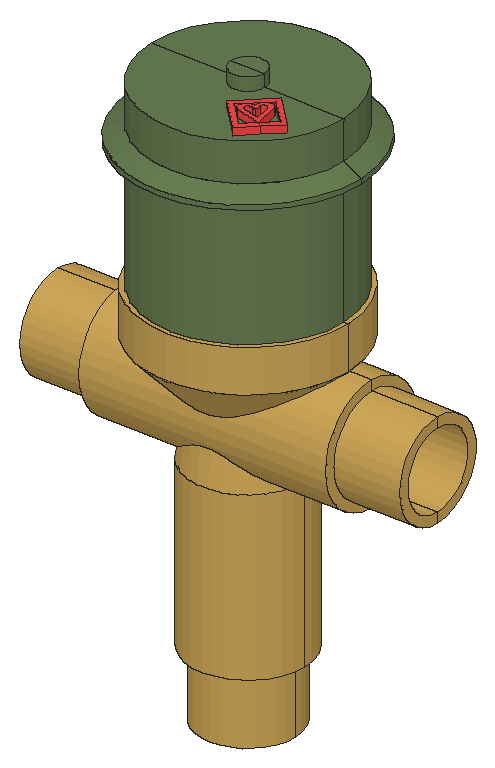
Revit family "HERZ Drinking Water Mixing Valve With Bottom Mixing Outlet 7766 54", category Rohrzubehör, Revit 2020
Family settings
  Bemaßung runder Anschluss = Durchmesser verwenden
  Teiletyp = Unterbricht
  OmniClass-Nummer = 23.65.55.14
  OmniClass-Titel = Valves for Liquid Services
  Arbeitsebenenbasiert = Nein
  Immer vertikal = Ja
  Beim Laden mit Abzugskörper schneiden = Nein
  Gemeinsam genutzt = Nein
Parameters
  Vorgabe-Ansicht = 0 mm
  Spring = "stainless steel 1.4310"  # constant formula
  Spindle = "DZR brass CW626N"  # constant formula
  Mixed water temperature hysteresis = "+-2°C"  # constant formula
  Part number = 2776654  # constant formula
  Operation = "The thermostatic mixing valve 7766 TMV is used in systems with heated drinking water.\r\nIrrespective of pressure or temperature changes of the cold and hot water to be mixed in the valve, the mixed water is constantly regulated to the preset temperature and flow rate value.\r\nThe thermostatic valve works completely independently and without auxiliary energy.\r\nThe value of the desired mixing temperature, which is preset once after installation, is kept constant within a control hysteresis."
  Note = "Pursuant to Article 33 of the REACH Regulation (EC No. 1907/2006), we are obliged to point out that the material lead is listed on the SVHC list and that all brass components manufactured in our products exceed 0.1% (w / w) lead (CAS: 7439-92-1 / EINECS: 231-100-4).\r\nSince lead is a component part of an alloy, actual exposure is not possible and therefore no additional information on safe use is necessary."
  Min. overheat of hot water compared to mixing water = 15 °C  # constant formula
  Min. flow = 0.07 L/s  # constant formula
  Min. cold water inlet temperature range = "5 °C - 25 °C"  # constant formula
  Max. hot water inlet temperature = 85 °C  # constant formula
  Max. dynamic pressure = "0.2 - 6 bar"  # constant formula
  URL = "www.herzvalves.com"
  Set value = "35 °C - 50 °C"  # constant formula
  Safety note = "Please note that the applied valve is a safety valve.\r\nIt is recommended to replace it in every 5 years.\r\nLocal standards and regulations have to be followed"
  SCTWSEQ = "AW;SBT_TYP_AW=\"104\";3"
  SCTWCODE = "04;18;03"  # constant formula
  S02 = H07 - H01 - H05  # 38.4 mm
  S01 = H00 - H01  # 61 mm
  R07 = 3.5 mm  # constant formula
  R06 = 24 mm  # constant formula
  R05 = 20.3 mm  # constant formula
  R04 = 24 mm  # constant formula
  R03 = R02 + 2 mm  # 12 mm
  R02 = Nennweite / 2  # 10 mm
  R01 = 8 mm  # constant formula
  Nennweite = 20 mm  # constant formula
  Mixing temperature (factory setting) = 45 °C  # constant formula
  Medium = "Water"  # constant formula
  LO1 = H07 - H05  # 59.4 mm
  L02 = 21.3 mm  # constant formula
  L01 = 12 mm  # constant formula
  L00 = 40 mm  # constant formula
  Internal parts = "DZR brass CW626N"  # constant formula
  Hersteller = "HERZ Armaturen Ges.m.b.H."  # constant formula
  Hand wheel = "ABS"  # constant formula
  H08 = 8 mm  # constant formula
  H07 = 62 mm  # constant formula
  H06 = 25.4 mm  # constant formula
  H05 = 2.6 mm  # constant formula
  H04 = 35 mm  # constant formula
  H03 = 14 mm  # constant formula
  H02 = 9 mm  # constant formula
  H01 = 21 mm  # constant formula
  H00 = 82 mm  # constant formula
  Flow at 3 bar = 0.7 L/s  # constant formula
  Sealing = "EPDM"  # constant formula
  Max. static pressure = 1000000.0 Pa  # constant formula
  Connection thread = "flat sealing, G 3/4"  # constant formula
  Body = "DZR brass CC752S"  # constant formula
Reference planes
  plane 1 "Mitte (Vorne/hinten)": y = 0
  plane 2: z = 0
  plane 3 "Mitte (Links/rechts)": x = 0
Forms (mm)
  Revolve 1, solid, material "Kunststoff GRÜN", detail levels fine
    sketch origin (-2.352, 0, -141.797) x (1, 0, 0) y (0, 0, 1)
      loop
        line (-1.148, 201.197) -> (-17.948, 201.197) -> (-17.948, 193.197) -> (-21.648, 191.197) -> (-21.648, 190.197) -> (-17.948, 188.197) -> (-17.948, 162.797) -> (2.352, 162.797) -> (2.352, 203.797) -> (-1.148, 203.797) -> (-1.148, 201.197)
      axis (2.352, 203.797) -> (2.352, 162.797)
    angle from 0 to 360
  Revolve 2, solid, material "Messing, weicher Gelbton, geschweißt", detail levels fine
    sketch origin (101.455, 0, 0) x (1, 0, 0) y (0, 0, 1)
      loop
        line (-101.455, -49) -> (-101.455, 21) -> (-122.755, 21) -> (-122.755, 12) -> (-111.455, 0) -> (-113.455, -12) -> (-113.455, -47) -> (-111.455, -47) -> (-111.455, -61) -> (-109.455, -61) -> (-109.455, -49) -> (-101.455, -49)
      axis (-101.455, 21) -> (-101.455, -61)
    angle from 0 to 360
  Revolve 3, solid, material "Messing, weicher Gelbton, geschweißt", detail levels fine
    sketch origin (-28, 0, 0) x (1, 0, 0) y (0, 0, 1)
      loop
        line (56, 8) -> (68, 8) -> (68, 10) -> (54, 10) -> (54, 12) -> (2, 12) -> (2, 10) -> (-12, 10) -> (-12, 8) -> (0, 8) -> (0, 0) -> (56, 0) -> (56, 8)
      axis (-12, 0) -> (68, 0)
    angle from 0 to 360
Lines and regions (mm)
  model lines, detail levels coarse+medium
    curve 1: line (-40, 0, 10) -> (-40, 0, -10)
    curve 2: line (-40, 0, -10) -> (40, 0, 10)
    curve 3: line (40, 0, 10) -> (40, 0, -10)
    curve 4: line (40, 0, -10) -> (-40, 0, 10)
    curve 5: line (0, 0, 0) -> (10, 0, -61)
    curve 6: line (10, 0, -61) -> (-10, 0, -61)
    curve 7: line (-10, 0, -61) -> (0, 0, 0)
    curve 8: line (0, 0, 0) -> (0, 0, 21)
    curve 9: line (-20.3, 0, 21) -> (20.3, 0, 21)
    curve 10: line (20.3, 0, 21) -> (20.3, 0, 59.4)
    curve 11: line (20.3, 0, 59.4) -> (-20.3, 0, 59.4)
    curve 12: line (-20.3, 0, 59.4) -> (-20.3, 0, 21)
    curve 13: line (20.3, 0, 59.4) -> (-20.3, 0, 21)
    curve 14: line (-20.3, 0, 59.4) -> (20.3, 0, 21)
    curve 15: line (-40, 10, 0) -> (-40, -10, 0)
    curve 16: line (-40, -10, 0) -> (40, 10, 0)
    curve 17: line (40, 10, 0) -> (40, -10, 0)
    curve 18: line (40, -10, 0) -> (-40, 10, 0)
    curve 19: line (0, 0, 0) -> (-10, -61, 0)
    curve 20: line (-10, -61, 0) -> (10, -61, 0)
    curve 21: line (10, -61, 0) -> (0, 0, 0)
    curve 22: line (0, 0, 0) -> (0, 21, 0)
    curve 23: line (-20.3, 21, 0) -> (20.3, 21, 0)
    curve 24: line (20.3, 21, 0) -> (20.3, 59.4, 0)
    curve 25: line (20.3, 59.4, 0) -> (-20.3, 59.4, 0)
    curve 26: line (-20.3, 59.4, 0) -> (-20.3, 21, 0)
    curve 27: line (20.3, 59.4, 0) -> (-20.3, 21, 0)
    curve 28: line (-20.3, 59.4, 0) -> (20.3, 21, 0)
Dimensions and locks
  "L00": Revolve 3 sketch curve to plane 3 "Mitte (Links/rechts)" to Revolve 3 sketch curve
  "L01": Revolve 3 sketch curve to Revolve 3 sketch curve  (x2)
  "R01": Revolve 3 sketch curve to Revolve 3 sketch curve  (x2)
  "R02": Revolve 3 sketch curve to Revolve 3 sketch curve
  "L02": Revolve 2 sketch curve to Revolve 2 sketch curve
  "H02": Revolve 2 sketch curve to Revolve 2 sketch curve
  "R02": Revolve 2 sketch curve to Revolve 2 sketch curve  (x2)
  "H01": Revolve 2 sketch curve to plane 2
  "H00": Revolve 2 sketch curve to Revolve 2 sketch curve
  "H03": Revolve 2 sketch curve to Revolve 2 sketch curve
  "R03": Revolve 2 sketch curve to Revolve 2 sketch curve
  "H04": Revolve 2 sketch curve to Revolve 2 sketch curve
  "R01": Revolve 2 sketch curve to Revolve 2 sketch curve
  "L01": Revolve 2 sketch curve to Revolve 2 sketch curve
  "H03": Revolve 3 sketch curve to Revolve 3 sketch curve  (x2)
  "R03": Revolve 3 sketch curve to Revolve 3 sketch curve
  "R05": Revolve 1 sketch curve to Revolve 1 sketch curve  (x2)
  "H07": Revolve 1 sketch curve to plane 2
  "H05": Revolve 1 sketch curve to Revolve 1 sketch curve
  "H06": Revolve 1 sketch curve to Revolve 1 sketch curve
  "H08": Revolve 1 sketch curve to Revolve 1 sketch curve
  "R06": Revolve 1 sketch curve to Revolve 1 sketch curve
  "R07": Revolve 1 sketch curve to Revolve 1 sketch curve
  "R02": curve 4 to plane 2 to curve 2
  "R02": curve 3 to plane 2 to curve 4
  "L00": curve 1 to plane 3 "Mitte (Links/rechts)" to curve 3
  "R02": curve 6 to plane 3 "Mitte (Links/rechts)" to curve 7
  "S01": plane 2 to curve 6
  "H01": curve 8 to plane 2
  "S02": curve 11 to Revolve 1
  "R05": curve 12 to plane 3 "Mitte (Links/rechts)" to curve 10
  "L00": curve 15 to plane 3 "Mitte (Links/rechts)" to curve 17
  "R02": curve 16 to plane 1 "Mitte (Vorne/hinten)" to curve 18
  "R02": curve 18 to plane 1 "Mitte (Vorne/hinten)" to curve 17
  "R02": curve 20 to plane 3 "Mitte (Links/rechts)" to curve 21
  "S01": curve 20 to plane 1 "Mitte (Vorne/hinten)"
  "H01": plane 1 "Mitte (Vorne/hinten)" to curve 22
  "S02": curve 23 to curve 25
  "R05": curve 26 to plane 3 "Mitte (Links/rechts)" to curve 24
  "LO1": nested 1 to plane 2
  aligned and locked: level to plane 2
Automatic sketch dimensions
  curve 5 to level = 0 mm
  curve 8 to level = 0 mm
  plane 1 "Mitte (Vorne/hinten)" to curve 19 = 0 mm
  plane 1 "Mitte (Vorne/hinten)" to curve 22 = 0 mm
  Revolve 1 sketch curve to plane 3 "Mitte (Links/rechts)" = 0 mm  (x2)
  Revolve 1 sketch curve to Revolve 1 sketch curve = 2 mm  (x2)
  Revolve 1 sketch curve to Revolve 1 sketch curve = 1 mm
  Revolve 1 sketch curve to level = 366.045 mm
  Revolve 1 sketch curve to Revolve 1 sketch curve = 2152.315 mm
  Revolve 2 sketch curve to level = 0 mm
  Revolve 2 sketch curve to plane 3 "Mitte (Links/rechts)" = 0 mm  (x2)
  Revolve 2 sketch curve to Revolve 2 sketch curve = 0 mm
  Revolve 2 sketch curve to Revolve 2 sketch curve = 2193.315 mm
  Revolve 3 sketch curve to level = 0 mm  (x2)
  Revolve 3 sketch curve to Revolve 3 sketch curve = 2 mm
  Revolve 3 sketch curve to Revolve 3 sketch curve = 0 mm  (x2)
Nested families
  nested 1: "Herz-Logo" at (9.58, -9.58, 59.4) x (0.7071, 0.7071, 0) z (0, 0, 1), type "Herz-Logo", detail levels fine
Connectors
  piping at (-40, 0, 0), diameter 20, driven by "Nennweite"
    settings: on Revolve 3, index 1, connector inside diameter 609.6 mm, connector length 0 mm, flow factor 0, pipe flow 0.0 L/s, pressure drop 0.0 Pa, fitting loss kfactor 0, connector angle 0.00°, fixture units 0, engagement length 0 mm, angle of deflection 0.00°, flow configuration 0, flow direction 1, fitting loss method 0, system type 20, joint type 0, gender type 0, connector reference index -1, connector utility 0, adjustable connector no, is connector primary yes, connector description ""
  piping at (40, 0, 0), diameter 20, driven by "Nennweite"
    settings: on Revolve 3, index 2, connector inside diameter 609.6 mm, connector length 0 mm, flow factor 0, pipe flow 0.0 L/s, pressure drop 0.0 Pa, fitting loss kfactor 0, connector angle 0.00°, fixture units 0, engagement length 0 mm, angle of deflection 0.00°, flow configuration 0, flow direction 1, fitting loss method 0, system type 19, joint type 0, gender type 0, connector reference index -1, connector utility 0, adjustable connector no, is connector primary no, connector description ""
  piping at (0, 0, -61), diameter 20, driven by "Nennweite"
    settings: on Revolve 2, index 3, connector inside diameter 609.6 mm, connector length 0 mm, flow factor 0, pipe flow 0.0 L/s, pressure drop 0.0 Pa, fitting loss kfactor 0, connector angle 0.00°, fixture units 0, engagement length 0 mm, angle of deflection 0.00°, flow configuration 0, flow direction 2, fitting loss method 0, system type 29, joint type 0, gender type 0, connector reference index -1, connector utility 0, adjustable connector no, is connector primary no, connector description ""
Definition of nested family "Herz-Logo"
  Parameters (values of type "Herz-Logo")
    Default Elevation = 0 mm
  Reference planes
    plane 1 "Mitte (Vorne/hinten)": y = 0
    plane 2: z = 0
    plane 3 "Mitte (Links/rechts)": x = 0
  Forms (mm)
    Extrusion 1, solid
      sketch origin (0, 0, 0) x (1, 0, 0) y (0, 1, 0)
        loop
          line (-0.018, -4.517) -> (4.482, -4.517) -> (4.482, 4.483) -> (-4.518, 4.483) -> (-4.518, -4.517) -> (-0.018, -4.517)
        loop
          line (-0.05, -3.48) -> (3.482, -3.48) -> (3.482, 3.483) -> (-3.518, 3.483) -> (-3.518, -3.48) -> (-0.05, -3.48)
        loop
          arc (-0.018, 2.383) -> (-1.543, 3.287) -> (-3.067, 2.383) r 1.738
          arc (-3.067, 2.383) -> (-3.191, 1.899) -> (-3.067, 1.415) r 1.009
          line (-3.067, 1.415) -> (-0.018, -3.281) -> (3.032, 1.415)
          arc (3.032, 1.415) -> (3.156, 1.899) -> (3.032, 2.383) r 1.009
          arc (3.032, 2.383) -> (1.507, 3.287) -> (-0.018, 2.383) r 1.738
        loop
          arc (1.885, 1.272) -> (2.005, 1.675) -> (1.885, 2.079) r 0.74
          arc (1.885, 2.079) -> (1.265, 2.416) -> (0.644, 2.079) r 0.74
          line (0.644, 2.079) -> (-0.018, 0.97) -> (-0.679, 2.079)
          arc (-0.679, 2.079) -> (-1.3, 2.416) -> (-1.921, 2.079) r 0.74
          arc (-1.921, 2.079) -> (-2.04, 1.675) -> (-1.921, 1.272) r 0.74
          line (-1.921, 1.272) -> (-0.018, -1.658) -> (1.885, 1.272)
      from 0 to 1.5
  Dimensions and locks
    aligned and locked: level to plane 2
